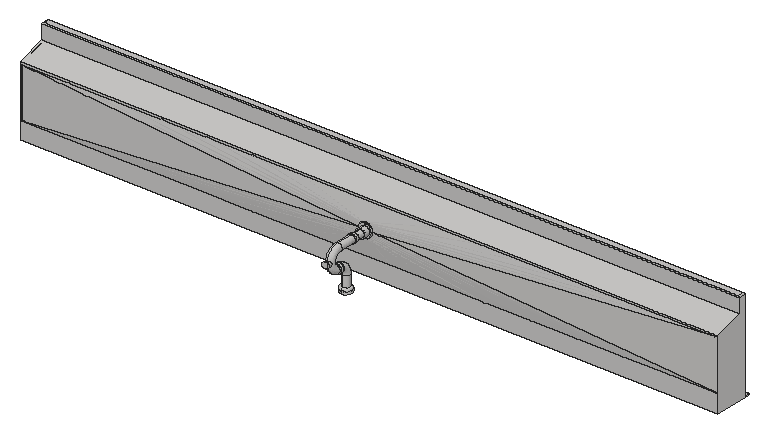
Revit family "SW4120", category Plumbing Fixtures, host Face, Revit 2022
Family settings
  Host = Face
  Round Connector Dimension = Use Diameter
  Part Type = Normal
  OmniClass Number = 23.45.05.14.14
  OmniClass Title = Sinks/Lavatories
  Cut with Voids When Loaded = No
  Maintain Annotation Orientation = No
  Shared = Yes
  Room Calculation Point = No
Parameters (values of type "SW4120-4LF4120-34")
  Width = 120"  # constant formula
  Waste Connection Diameter = 1 1/2"  # constant formula
  Waste Connection = yes
  WH-DECAL  10” Sticky Decal “Wash Your Hands” = no
  WFU = 2  # constant formula
  Vent Connection = no
  URL = "http://www.acorneng.com"
  SW000-SG   Splash Guard, (Multi-Station Units) = no
  SW000-PTC Daisy Strainer, Tailpiece, 1-1/2” P-Trap, Chrome = no
  SW000-PT   Daisy Strainer, Tailpiece, 1-1/2” P-Trap, Plastic = no
  SW000-F70 S/T Pushbutton Metering Faucet, Plate = no
  SW000-F60 S/T Sensor Operated Faucet, J Spout, Plate = no
  SW000-F51 H&C Wristblade Faucet, Spout = no
  SW000-F50 H&C Wristblade Faucet, Gooseneck Spout = no
  SW000-34 Front Support Legs, 34” Rim Height (Adult) = no
  SW000-30   Front Support Legs, 30” Rim Height (Junior) = no
  SW000-24   Front Support Legs, 24” Rim Height (Child) = no
  Installation Instruction Link = "https://www.acorneng.com/uploads/fileLibrary/9000-M00-003_SW000-INSTALL.pdf"
  IAPMO Compliance = "Uniform Plumbing Code (UPC ), ® National Plumbing Code of Canada (cUPC ) and ASME A112.19.3."  # constant formula
  Flow Rate = "0.5 GPM (1.9 LPM)"  # constant formula
  Faucet Hole Distance = 4"  # constant formula
  Product Page URL = "https://www.acorneng.com/single-eco-trough-sink"
  Product Documentation Link = "https://www.acorneng.com/uploads/fileLibrary/SW000.pdf"
  Optional 1-1/2” Tail piece & P-trap = yes
  Model = "SW4120-4LF4120-34"
  Material = "Stainless_Steel-Acorn-Satin"
  Manufacturer = "Acorn Engineering"  # constant formula
  Length = 16"  # constant formula
  Installation Type = "Wall Mounted"  # constant formula
  Height = 6 1/2"  # constant formula
  HWFU = 1.5  # constant formula
  HW Connection = no
  Finish = Stainless_Steel-Acorn-Satin
  EG10 Enviro-Glaze Color (White) = no
  Description = "One-Station Wash-Ware Eco-Trough Stainless Steel Trough Sink"  # constant formula
  Default Elevation = 0"  # constant formula
  Deck Height = 34"
  Creation Date = "01/16/2024"  # constant formula
  CWFU = 1.5  # constant formula
  CW Connection = no
  Assembly Code = "D2010310"
  4LF4120-34   4 Leg Frame Assy 4 User, 120” Wide, 34” Rim = yes
  4LF390-34   4 Leg Frame Assy 3 User, 90” Wide, 34” Rim = no
  4LF260-34   4 Leg Frame Assy 2 User, 60” Wide, 34” Rim = no
  4LF2102-34   4 Leg Frame Assy 2 User, 102” Wide, 34” Rim = no
  4LF130-34   4 Leg Frame Assy 1 User, 30” Wide, 34” Rim = no
Types (3): name | Model | 4LF4120-34   4 Leg Frame Assy 4 User, 120” Wide, 34” Rim
  (no name) | "SW4120-4LF4120-34" | yes
  SW4120-34 | "SW4120-34" | no
  SW4120-4LF4120-34 | "SW4120-4LF4120-34" | yes
Reference planes (in)
  plane 1 "Center (Front/Back)": y = 34
  plane 2: z = 0
  plane 3 "Center (Left/Right)": x = 0
  plane 4: y = 32.4375
  plane 5 "Floor": y = 0
  plane 6: z = 16
  plane 7: x = 60
  plane 8: x = -60
  plane 9: z = 7.5
  plane 10: z = 11.98828
  plane 11: z = 13.75
  plane 12: z = 1.5
  plane 13: z = 3
  plane 14: y = 23.25
  plane 15: x = -58.75
  plane 16: x = 58.75
  plane 17: y = 34.38345
  plane 18: y = 28.6875
  plane 19: x = -58.125
  plane 20: z = 14.125
  plane 21: x = -58.80267
  plane 22: x = 58.80267
  plane 23: y = 4.48558
  plane 24: x = 59.4375
  plane 25: x = -30
  plane 26: x = 26.25
  plane 27: x = 15
  plane 28: y = 27.5
  plane 29: y = 32.875
  plane 30: x = 45
  plane 31: x = 15
  plane 32: y = 5
  plane 33: x = -45
  plane 34: x = -15
Forms (in)
  Extrusion 1, solid, material "Stainless_Steel-Acorn-Satin" <- "Finish"
    sketch origin (0, 34, 0) x (1, 0, 0) y (0, 0, 1)
      loop
        line (59.75, 16) -> (-59.75, 16)
        arc (-59.75, 16) -> (-59.92678, 15.92678) -> (-60, 15.75) r 0.25
        line (-60, 15.75) -> (-60, 0) -> (60, 0) -> (60, 15.75)
        arc (60, 15.75) -> (59.92678, 15.92678) -> (59.75, 16) r 0.25
    from 0 to 5.8125
  Extrusion 2, solid, not visible
    sketch origin (0, 0, 0) x (1, 0, 0) y (0, 1, 0)
      loop
        circle (0, 23.25) r 0.75
    from 0 to -0.08503
  Extrusion 3, void
    sketch origin (0, 34, 0) x (1, 0, 0) y (0, 0, 1)
      loop
        line (59.83236, 13.05675) -> (-59.80078, 13.05675) -> (-59.80078, 3.06625) -> (59.83236, 3.06625) -> (59.83236, 13.05675)
    from 0 to 5.76065
  Extrusion 4, void
    sketch origin (0, 34, 0) x (1, 0, 0) y (0, 0, 1)
      loop
        circle (15, 1.5) r 0.65625
      loop
        circle (13, 1.5) r 0.65625
      loop
        circle (17, 1.5) r 0.65625
      loop
        circle (45, 1.5) r 0.65625
      loop
        circle (47, 1.5) r 0.65625
      loop
        circle (43, 1.5) r 0.65625
      loop
        circle (-15, 1.5) r 0.65625
      loop
        circle (-13, 1.5) r 0.65625
      loop
        circle (-17, 1.5) r 0.65625
      loop
        circle (-45, 1.5) r 0.65625
      loop
        circle (-47, 1.5) r 0.65625
      loop
        circle (-43, 1.5) r 0.65625
    from -0.8886 to 1.125
  Extrusion 5, solid, material "Stainless_Steel-Acorn-Satin" <- "Finish"
    sketch origin (0, 0, 0) x (1, 0, 0) y (0, 1, 0)
      loop
        line (-60, 34) -> (60, 34) -> (60, 34.5625)
        arc (60, 34.5625) -> (59.85355, 34.91605) -> (59.5, 35.0625) r 0.5
        line (59.5, 35.0625) -> (-59.5, 35.0625)
        arc (-59.5, 35.0625) -> (-59.85355, 34.91605) -> (-60, 34.5625) r 0.5
        line (-60, 34.5625) -> (-60, 34)
    from 0 to 0.06625
  Blend 6, solid, material "Stainless_Steel-Acorn-Satin" <- "Finish"
    base sketch origin (0, 34, 0) x (1, 0, 0) y (0, 0, 1)
      loop
        circle (0, 7.5) r 1.25
    top sketch origin (0, 34, 0) x (1, 0, 0) y (0, 0, 1)
      loop
        line (59.83236, 11.7199) -> (-59.80078, 11.7199) -> (-59.80078, 3.06625) -> (59.83236, 3.06625) -> (59.83236, 11.7199)
    from 6.5 to 5.8125
  Extrusion 7, void
    sketch origin (0, 34, 0) x (1, 0, 0) y (0, 0, 1)
      loop
        circle (0, 7.5) r 0.71875
    from 0 to 12
  Extrusion 8, void
    sketch origin (0, 0, 0) x (1, 0, 0) y (0, 1, 0)
      loop
        circle (-58.75, 34.38345) r 0.12572
      loop
        circle (-49.75, 34.38345) r 0.12572
      loop
        circle (-59.4375, 28.6875) r 0.12572
      loop
        arc (-59.31178, 32.4375) -> (-59.4375, 32.56322) -> (-59.56322, 32.4375) r 0.12572
        line (-59.56322, 32.4375) -> (-59.56322, 32.12453)
        arc (-59.56322, 32.12453) -> (-59.45829, 31.65336) -> (-59.31178, 32.1133) r 0.25
        line (-59.31178, 32.1133) -> (-59.31178, 32.4375)
      loop
        circle (58.75, 34.38345) r 0.12572
      loop
        circle (59.4375, 28.6875) r 0.12572
      loop
        line (59.31178, 32.4375) -> (59.31178, 32.1133)
        arc (59.31178, 32.1133) -> (59.45829, 31.65336) -> (59.56322, 32.12453) r 0.25
        line (59.56322, 32.12453) -> (59.56322, 32.4375)
        arc (59.56322, 32.4375) -> (59.4375, 32.56322) -> (59.31178, 32.4375) r 0.12572
      loop
        circle (-40.25, 34.38345) r 0.12572
      loop
        circle (-30, 34.38345) r 0.12572
      loop
        circle (-19.75, 34.38345) r 0.12572
      loop
        circle (-10.25, 34.38345) r 0.12572
      loop
        circle (0, 34.38345) r 0.12572
      loop
        circle (49.75, 34.38345) r 0.12572
      loop
        circle (40.25, 34.38345) r 0.12572
      loop
        circle (30, 34.38345) r 0.12572
      loop
        circle (19.75, 34.38345) r 0.12572
      loop
        circle (10.25, 34.38345) r 0.12572
    from 0 to 0.06625
  Extrusion 9, void
    sketch origin (0, 0, 0) x (0, 1, 0) y (0, 0, 1)
      loop
        line (32.875, 13.34771) -> (32.875, 15.84235)
        arc (32.875, 15.84235) -> (32.92117, 15.95383) -> (33.03265, 16) r 0.15765
        line (33.03265, 16) -> (33.19502, 16) -> (33.19502, 16.75491) -> (26.66993, 16.75491) -> (26.66993, 11.56843) -> (32.875, 13.34771)
    from -61.70799 to 62.24956
  Extrusion 10, solid, material "Stainless_Steel-Acorn-Satin" <- "Finish"
    sketch origin (0, 0, 0) x (0, 1, 0) y (0, 0, 1)
      loop
        line (28.1875, 12.00359) -> (28.1875, 11.83808) -> (32.4375, 13.05675) -> (32.4375, 13.22226) -> (28.1875, 12.00359)
    from -60 to 60
  Extrusion 11, void
    sketch origin (0, 0, 0) x (0, 1, 0) y (0, 0, 1)
      loop
        line (32.4375, 0.86338) -> (32.4375, 1.61827)
        arc (32.4375, 1.61827) -> (32.3125, 1.74327) -> (32.1875, 1.61827) r 0.125
        line (32.1875, 1.61827) -> (32.1875, 0.86338)
        arc (32.1875, 0.86338) -> (32.3125, 0.73838) -> (32.4375, 0.86338) r 0.125
      loop
        line (28.6875, 0.86338) -> (28.6875, 1.61827)
        arc (28.6875, 1.61827) -> (28.5625, 1.74327) -> (28.4375, 1.61827) r 0.125
        line (28.4375, 1.61827) -> (28.4375, 0.86338)
        arc (28.4375, 0.86338) -> (28.5625, 0.73838) -> (28.6875, 0.86338) r 0.125
    from 59.83236 to 61.26489
  Extrusion 12, void
    sketch origin (0, 0, 0) x (0, 1, 0) y (0, 0, -1)
      loop
        arc (32.4375, -0.86338) -> (32.3125, -0.73838) -> (32.1875, -0.86338) r 0.125
        line (32.1875, -0.86338) -> (32.1875, -1.61827)
        arc (32.1875, -1.61827) -> (32.3125, -1.74327) -> (32.4375, -1.61827) r 0.125
        line (32.4375, -1.61827) -> (32.4375, -0.86338)
      loop
        arc (28.6875, -0.86338) -> (28.5625, -0.73838) -> (28.4375, -0.86338) r 0.125
        line (28.4375, -0.86338) -> (28.4375, -1.61827)
        arc (28.4375, -1.61827) -> (28.5625, -1.74327) -> (28.6875, -1.61827) r 0.125
        line (28.6875, -1.61827) -> (28.6875, -0.86338)
    from 59.80078 to 60.55078
  Sweep 13, solid, material "Stainless_Steel-Acorn-Satin" <- "Finish", visible <- "Optional 1-1/2” Tail piece & P-trap"
    path origin (-0.0077, 23.25, -4.5) x (0, 1, 0) y (0, 0, 1)
      loop
        line (0, 4.5) -> (0, 7.25)
        arc (0, 7.25) -> (-0.43934, 8.31066) -> (-1.5, 8.75) r 1.5
        line (-1.5, 8.75) -> (-1.75279, 8.75)
        arc (-1.75279, 8.75) -> (-3.37779, 10.375) -> (-1.75279, 12) r 1.625
        line (-1.75279, 12) -> (1.16329, 12)
    profile origin (-0.0077, 23.25, 1.375) x (0, -1, 0) y (1, 0, 0)
      loop
        circle (0, 0) r 0.625
  Revolve 14, solid, material "Stainless_Steel-Acorn-Satin" <- "Finish", visible <- "Optional 1-1/2” Tail piece & P-trap"
    sketch origin (-0.0077, 23.25, -0.69501) x (0, 1, 0) y (0, 0, 1)
      loop
        line (0, 0.69501) -> (0, 1.5) -> (-0.625, 1.5)
        arc (-0.625, 1.5) -> (-0.89017, 1.39017) -> (-1, 1.125) r 0.375
        line (-1, 1.125) -> (-1, 0.69501) -> (0, 0.69501)
      axis (0, 0.69501) -> (0, 1.5)
    angle from 0 to 360
  Revolve 15, solid, material "Stainless_Steel-Acorn-Satin" <- "Finish", visible <- "Optional 1-1/2” Tail piece & P-trap"
    sketch origin (-0.0077, 25.16299, 2.75) x (0, 1, 0) y (0, 0, 1)
      loop
        line (-0.7497, 4.14062) -> (-0.7497, 4.06041) -> (-0.625, 4.06041)
        arc (-0.625, 4.06041) -> (-0.39209, 4.00577) -> (-0.15643, 4.04699) r 0.59687
        arc (-0.15643, 4.04699) -> (-0.1336, 4.06522) -> (-0.125, 4.09313) r 0.04959
        line (-0.125, 4.09313) -> (-0.125, 4.14062) -> (-0.7497, 4.14062)
      axis (-0.7497, 4.75) -> (-0.125, 4.75)
    angle from 0 to 360
  Extrusion 16, solid, material "Stainless_Steel-Acorn-Satin" <- "Finish", visible <- "Optional 1-1/2” Tail piece & P-trap"
    sketch origin (-0.7025, 19.14598, -2.5808) x (0, 0.000486, -1) y (-1, 0, 0)
      loop
        circle (-8.45564, -0.6948) r 0.5
    from -0.2416 to 0.44093
  Extrusion 17, solid, material "Stainless_Steel-Acorn-Satin" <- "Finish", visible <- "Optional 1-1/2” Tail piece & P-trap"
    sketch origin (1.90768, 18.76955, 17.63301) x (0, 0.000486, -1) y (-1, 0, 0)
      loop
        line (11.2583, 2.12248) -> (11.2583, 1.70827) -> (11.55119, 1.41538) -> (11.9654, 1.41538) -> (12.2583, 1.70827) -> (12.2583, 2.12248) -> (11.9654, 2.41538) -> (11.55119, 2.41538) -> (11.2583, 2.12248)
    from -0.02502 to 0.125
  Revolve 18, solid, material "Stainless_Steel-Acorn-Satin" <- "Finish", visible <- "Optional 1-1/2” Tail piece & P-trap"
    sketch origin (-0.0077, 21.8878, -0.49268) x (0, 1, 0) y (0, 0, 1)
      loop
        line (-0.7497, 4.23437) -> (-0.7497, 4.01353) -> (-0.625, 4.01353)
        arc (-0.625, 4.01353) -> (-0.4082, 3.94393) -> (-0.19141, 4.01353) r 0.37245
        line (-0.19141, 4.01353) -> (-0.06671, 4.01353) -> (-0.06671, 4.23437) -> (-0.7497, 4.23437)
      axis (-0.7497, 4.75) -> (-0.06671, 4.75)
    angle from 0 to 360
  Revolve 19, solid, material "Stainless_Steel-Acorn-Satin" <- "Finish", visible <- "Optional 1-1/2” Tail piece & P-trap"
    sketch origin (0, -0.21875, 0) x (0, 1, 0) y (0, 0, 1)
      loop
        line (25.03799, 8) -> (27.03799, 8) -> (27.03799, 8.18679) -> (27.72692, 8.18679) -> (27.72692, 8.61634) -> (27.5, 8.61634) -> (27.5, 8.27653) -> (26.5, 8.27653) -> (26.5, 8.09964) -> (25.03799, 8.09964) -> (25.03799, 8)
      axis (27.72692, 7.5) -> (25.03799, 7.5)
    angle from 0 to 360
  Blend 20, void
    base sketch origin (0.00622, 32.20507, -0.00483) x (1, 0, 0) y (0, 0, 1)
      loop
        circle (0, 7.5) r 1.25
    top sketch origin (0.00622, 32.20507, -0.00483) x (1, 0, 0) y (0, 0, 1)
      loop
        line (80.91141, 11.7199) -> (-80.92386, 11.7199) -> (-80.92386, 2.56625) -> (80.91141, 2.56625) -> (80.91141, 11.7199)
    from 4.53723 to 3.74874
  Extrusion 21, solid, material "Stainless_Steel-Acorn-Satin" <- "Finish"
    sketch origin (0, 0, 0) x (0, 1, 0) y (0, 0, -1)
      loop
        line (28.65451, -11.75926) -> (28.65451, -2.48058) -> (28.19703, -2.48058) -> (28.19703, -11.75926) -> (28.65451, -11.75926)
    from 59.80078 to 60
  Extrusion 22, solid, material "Stainless_Steel-Acorn-Satin" <- "Finish"
    sketch origin (0, 0, 0) x (0, 1, 0) y (0, 0, 1)
      loop
        line (28.1875, 11.73553) -> (28.1875, 2.4699) -> (28.65451, 2.4699) -> (28.65451, 11.73553) -> (28.1875, 11.73553)
    from 59.83236 to 60
Cuts and joins
  joined: Sweep 13, Revolve 14, Revolve 15, Extrusion 16, Revolve 18, Revolve 19
  Extrusion 3, Extrusion 4, Extrusion 8, Extrusion 9, Extrusion 11, Extrusion 12, Blend 20 cuts Extrusion 1
  Extrusion 8 cuts Extrusion 5
  Extrusion 3, Extrusion 7, Extrusion 11, Blend 20 cuts Blend 6
  Extrusion 11, Blend 20 cuts Extrusion 10
  joined: Extrusion 1, Extrusion 5, Blend 6, Extrusion 10, Extrusion 21, Extrusion 22
Lines and regions (in)
  Masking region 1
    outline origin (0, 34, 0) x (1, 0, 0) y (0, 0, 1)
      loop
        line (60, 16) -> (-60, 16) -> (-60, 0.06625) -> (60, 0.06625) -> (60, 16)
  symbolic lines
    curve 1: line (59.83236, 34, 13.05675) -> (-59.83236, 34, 13.05675)
    curve 2: line (59.83236, 34, 3.06625) -> (59.83236, 34, 13.05675)
    curve 3: line (-59.83236, 34, 3.06625) -> (59.83236, 34, 3.06625)
    curve 4: line (-59.83236, 34, 13.05675) -> (-59.83236, 34, 3.06625)
    curve 5: circle (0, 34, 7.5) r 0.71875 normal (0, -1, 0)
    curve 6: line (60, 34, 0.06625) -> (-60, 34, 0.06625)
    curve 7: circle (0, 34, 7.5) r 1.25 normal (0, 1, 0)
    curve 8: circle (13, 34, 1.5) r 0.65625 normal (0, -1, 0)
    curve 9: line (1.25622, 34, 7.49517) -> (58.98929, 34, 10.55346)
    curve 10: line (1.25622, 34, 7.49517) -> (58.98929, 34, 3.91954)
    curve 11: line (58.98929, 34, 3.91954) -> (58.98929, 34, 10.55346)
    curve 12: line (-58.99277, 34, 10.55383) -> (-58.99277, 34, 3.91954)
    curve 13: circle (15, 34, 1.5) r 0.65625 normal (0, -1, 0)
    curve 14: circle (17, 34, 1.5) r 0.65625 normal (0, -1, 0)
    curve 15: circle (47, 34, 1.5) r 0.65625 normal (0, -1, 0)
    curve 16: circle (45, 34, 1.5) r 0.65625 normal (0, -1, 0)
    curve 17: circle (43, 34, 1.5) r 0.65625 normal (0, -1, 0)
    curve 18: line (58.9962, 5, 10.55383) -> (-58.99277, 5, 10.55383)
    curve 19: line (-1.24378, 5, 7.49517) -> (-58.99277, 5, 10.55383)
    curve 20: line (-58.99277, 5, 3.91911) -> (-1.24378, 5, 7.49517)
    curve 21: line (-58.99277, 5, 3.91911) -> (58.9962, 5, 3.91911)
    curve 22: circle (-13, 34, 1.5) r 0.65625 normal (0, 1, 0)
    curve 23: circle (-15, 34, 1.5) r 0.65625 normal (0, 1, 0)
    curve 24: circle (-17, 34, 1.5) r 0.65625 normal (0, 1, 0)
    curve 25: circle (-47, 34, 1.5) r 0.65625 normal (0, 1, 0)
    curve 26: circle (-45, 34, 1.5) r 0.65625 normal (0, 1, 0)
    curve 27: circle (-43, 34, 1.5) r 0.65625 normal (0, 1, 0)
Dimensions and locks (in)
  plane 1 "Center (Front/Back)" to plane 4 = 1 9/16"  (x2)
  "Length": host face to plane 6
  "Width": plane 7 to plane 8
  equal spacing: plane 7, plane 3 "Center (Left/Right)", plane 8
  locked: plane 2 to plane 9 at 7.5
  plane 6 to plane 2 = 16"
  plane 1 "Center (Front/Back)" to plane 5 "Floor" = 34"
  locked: plane 2 to plane 12 at 1.5
  locked: plane 9 to plane 2 at 7.5
  plane 14 to plane 1 "Center (Front/Back)" = 10 3/4"
  "Deck Height": plane 5 "Floor" to plane 1 "Center (Front/Back)"
  plane 8 to plane 15 = 1 1/4"
  locked: plane 16 to plane 7 at 1.25
  locked: plane 1 "Center (Front/Back)" to plane 17 at 0.38345
  locked: plane 4 to plane 1 "Center (Front/Back)" at 1.5625
  locked: plane 4 to plane 18 at 3.75
  plane 8 to plane 19 = 1 7/8"
  plane 6 to plane 20 = 1 7/8"
  plane 8 to plane 7 = 120"
  locked: plane 8 to plane 21 at 1.19733
  locked: plane 22 to plane 7 at 1.19733
  locked: plane 3 "Center (Left/Right)" to plane 24 at 59.4375
  plane 1 "Center (Front/Back)" to plane 28 = 6 1/2"
  plane 1 "Center (Front/Back)" to plane 29 = 1 1/8"
  plane 15 to Extrusion 8 sketch curve = 9"
  locked: Extrusion 8 sketch curve to Extrusion 8 sketch curve at 9.5  (x4)
  locked: Extrusion 8 sketch curve to Extrusion 8 sketch curve at 10.25  (x6)
  plane 5 "Floor" to plane 32 = 5"
  plane 5 "Floor" to plane 23 = 4.48558"
  locked: Extrusion 8 sketch curve to Extrusion 8 sketch curve at 9
  locked: plane 31 to plane 3 "Center (Left/Right)" at 15
  Extrusion 4 sketch curve to plane 31 to Extrusion 4 sketch curve = 2" locked, 2" locked
  Extrusion 4 sketch curve to plane 30 to Extrusion 4 sketch curve = 2" locked, 2" locked
  locked: plane 30 to plane 31 at 30
  locked: plane 34 to plane 3 "Center (Left/Right)" at 15
  Extrusion 4 sketch curve to plane 34 to Extrusion 4 sketch curve = 2" locked, 2" locked
  Extrusion 4 sketch curve to plane 33 to Extrusion 4 sketch curve = 2" locked, 2" locked
  locked: plane 33 to plane 34 at 30
  radius of Extrusion 5 sketch curve = 1/2"  (x2)
  radius of Extrusion 8 sketch curve = 0.12572"
  radius of Extrusion 1 sketch curve = 1/4"
  aligned and locked: host face to plane 2
  aligned and locked: host face to level
  aligned and locked: Extrusion 1 sketch curve to plane 6
  aligned and locked: Extrusion 1 sketch curve to plane 7
  aligned and locked: Extrusion 1 sketch curve to level
  aligned and locked: Extrusion 1 sketch curve to plane 8
  aligned and locked: plane 12 to Extrusion 4 sketch curve
  aligned and locked: plane 7 to Extrusion 5 sketch curve
  aligned and locked: plane 17 to Extrusion 8 sketch curve
  aligned and locked: plane 15 to Extrusion 8 sketch curve
  aligned and locked: Revolve 19 sketch curve to plane 9
  aligned and locked: curve 2 to cut or joined group 1 (Extrusion 1, Extrusion 3, Extrusion 4, Extrusion 5, Blend 6, Extrusion 7, Extrusion 8, Extrusion 9, Extrusion 10, Extrusion 11, Extrusion 12, Blend 20, Extrusion 21, Extrusion 22)
  aligned and locked: curve 8 to cut or joined group 1
  aligned and locked: plane 7 to cut or joined group 1
  aligned and locked: cut or joined group 1 to plane 8
  aligned and locked: Extrusion 12 to Extrusion 3
  aligned and locked: cut or joined group 1 to Extrusion 22
  aligned and locked: Extrusion 22 to cut or joined group 1
  aligned and locked: curve 9 to cut or joined group 1
  aligned and locked: curve 10 to cut or joined group 1
  aligned and locked: Extrusion 3 to Blend 6  (x2)
  aligned and locked: Extrusion 1 to Extrusion 21
  aligned and locked: Extrusion 21 to Extrusion 3
  aligned and locked: plane 30 to Extrusion 4 sketch curve
  aligned and locked: curve 13 to cut or joined group 1
  aligned and locked: curve 14 to cut or joined group 1
  aligned and locked: curve 15 to cut or joined group 1
  aligned and locked: curve 16 to cut or joined group 1
  aligned and locked: curve 17 to cut or joined group 1
  aligned and locked: Extrusion 11 to Extrusion 3
  aligned and locked: curve 12 to cut or joined group 1
  aligned and locked: curve 19 to cut or joined group 1
  aligned and locked: curve 20 to cut or joined group 1
  aligned and locked: Extrusion 4 sketch curve to plane 33
Automatic sketch dimensions
  host sketch curve to host sketch curve = 134.00588"
  host sketch curve to host sketch curve = 97"
  plane 6 to Extrusion 1 sketch curve = 1/4"
  Extrusion 2 sketch curve to plane 3 "Center (Left/Right)" = 0"
  Extrusion 2 sketch curve to plane 14 = 0"
  Blend 6 sketch curve to plane 3 "Center (Left/Right)" = 0"
  Blend 6 sketch curve to plane 9 = 0"
  Extrusion 7 sketch curve to plane 3 "Center (Left/Right)" = 0"
  Extrusion 7 sketch curve to plane 9 = 0"
  Extrusion 11 sketch curve to plane 18 = 0"
  Extrusion 11 sketch curve to plane 4 = 0"
  Extrusion 11 sketch curve to Extrusion 11 sketch curve = 1/8"
  Extrusion 11 sketch curve to Extrusion 11 sketch curve = 1/4"
  Extrusion 11 sketch curve to plane 12 = 0.63662"  (x2)
  plane 12 to Extrusion 11 sketch curve = 0.11827"  (x2)
  Extrusion 12 sketch curve to plane 18 = 0"
  Extrusion 12 sketch curve to plane 4 = 0"
  Extrusion 12 sketch curve to Extrusion 12 sketch curve = 1/8"
  Extrusion 12 sketch curve to Extrusion 12 sketch curve = 1/4"
  plane 12 to Extrusion 12 sketch curve = 0.11827"  (x2)
  Extrusion 12 sketch curve to plane 12 = 0.63662"  (x2)
  plane 9 to Revolve 15 sketch curve = 0"
  plane 9 to Revolve 15 sketch curve = 0.68959"
  plane 14 to Revolve 15 sketch curve = 1.16329"
  Revolve 15 sketch curve to Revolve 15 sketch curve = 0.1247"
  plane 9 to Revolve 15 sketch curve = 0.1476"
  Revolve 15 sketch curve to Revolve 15 sketch curve = 0.3747"
  Revolve 15 sketch curve to Revolve 15 sketch curve = 0.45041"
  Revolve 15 sketch curve to Revolve 15 sketch curve = 0.04959"
  Revolve 15 sketch curve to Revolve 15 sketch curve = 0.03272"
  Revolve 15 sketch curve to Revolve 15 sketch curve = 0.04749"
  plane 14 to Revolve 15 sketch curve = 0.671"
  Revolve 15 sketch curve to Revolve 15 sketch curve = 0.0942"
  Extrusion 16 sketch curve to plane 3 "Center (Left/Right)" = 0.0077"
  Extrusion 17 sketch curve to plane 3 "Center (Left/Right)" = 0.21481"  (x2)
  Extrusion 17 sketch curve to Extrusion 17 sketch curve = 0.29289"  (x4)
  plane 3 "Center (Left/Right)" to Extrusion 17 sketch curve = 0.4923"
  Extrusion 17 sketch curve to Extrusion 17 sketch curve = 0.41421"  (x2)
  plane 3 "Center (Left/Right)" to Extrusion 17 sketch curve = 0.19941"  (x2)
  Revolve 18 sketch curve to plane 13 = 0.52085"
  Revolve 18 sketch curve to plane 14 = 2.11189"
  Revolve 18 sketch curve to Revolve 18 sketch curve = 0.1247"  (x2)
  Revolve 18 sketch curve to Revolve 18 sketch curve = 0.34149"
  Revolve 18 sketch curve to Revolve 18 sketch curve = 0.2168"
  Revolve 18 sketch curve to Revolve 18 sketch curve = 0.22084"
  Revolve 18 sketch curve to Revolve 18 sketch curve = 0.08201"
  Revolve 18 sketch curve to Revolve 18 sketch curve = 0.49229"
  Revolve 18 sketch curve to Revolve 18 sketch curve = 0.0942"
  Revolve 18 sketch curve to Revolve 18 sketch curve = 33/64"
  Revolve 19 sketch curve to plane 9 = 1/2"
  plane 14 to Revolve 19 sketch curve = 1.56924"
  plane 28 to Revolve 19 sketch curve = 1 7/32"
  Revolve 19 sketch curve to Revolve 19 sketch curve = 0.53799"
  plane 28 to Revolve 19 sketch curve = 7/32"
  Revolve 19 sketch curve to plane 28 = 0.00817"
  Revolve 19 sketch curve to Revolve 19 sketch curve = 0.09964"
  Revolve 19 sketch curve to plane 9 = 0.68679"
  Revolve 19 sketch curve to Revolve 19 sketch curve = 0.08973"
  Revolve 19 sketch curve to Revolve 19 sketch curve = 0.33981"
  Revolve 19 sketch curve to Revolve 19 sketch curve = 1/4"
  plane 14 to Revolve 19 sketch curve = 0.56924"
  plane 3 "Center (Left/Right)" to Blend 20 sketch curve = 0.00622"
  plane 9 to Blend 20 sketch curve = 0.00483"
  Extrusion 21 sketch curve to plane 10 = 0.22902"
  Extrusion 21 sketch curve to plane 18 = 0.49047"
  Extrusion 21 sketch curve to plane 18 = 0.03299"
  plane 13 to Extrusion 21 sketch curve = 0.51942"
  Extrusion 22 sketch curve to plane 18 = 1/2"
  Extrusion 22 sketch curve to plane 18 = 0.03299"
  plane 13 to Extrusion 22 sketch curve = 0.5301"
  Extrusion 22 sketch curve to plane 10 = 0.25275"
  Extrusion 4 sketch curve to plane 12 = 0"  (x11)
  plane 34 to Extrusion 4 sketch curve = 0"
  plane 27 to Extrusion 4 sketch curve = 0"
  curve 5 to curve 7 = 0"  (x2)
  curve 6 to plane 8 = 0"
  curve 25 to plane 12 = 0"
  curve 26 to plane 12 = 0"
  curve 27 to plane 12 = 0"
  curve 24 to plane 12 = 0"
  curve 23 to plane 12 = 0"
  curve 22 to plane 12 = 0"
  curve 7 to plane 3 "Center (Left/Right)" = 0"
  curve 6 to plane 7 = 0"
  curve 5 to plane 9 = 0"
  plane 8 to curve 1 = 0.16764"
  curve 25 to plane 19 = 11 1/8"
  curve 25 to curve 26 = 2"
  curve 26 to curve 27 = 2"
  plane 25 to curve 24 = 13"
  curve 24 to curve 23 = 2"
  curve 23 to curve 22 = 2"
  curve 11 to plane 22 = 0.18663"
  curve 3 to plane 13 = 0.06625"
  curve 2 to plane 11 = 0.69325"
  level to curve 6 = 0.06625"
  curve 12 to plane 13 = 0.91954"
  curve 12 to plane 10 = 1.43445"
  plane 8 to Extrusion 3 sketch curve = 51/256"
  Extrusion 3 sketch curve to plane 13 = 0.06625"
  Extrusion 3 sketch curve to plane 7 = 0.16764"
  Extrusion 3 sketch curve to plane 11 = 0.69325"
  Extrusion 5 sketch curve to plane 8 = 0"
  plane 1 "Center (Front/Back)" to Extrusion 5 sketch curve = 0"
  plane 17 to Extrusion 5 sketch curve = 0.17905"
  plane 8 to Blend 6 sketch curve = 51/256"
  Blend 6 sketch curve to plane 13 = 0.06625"
  Blend 6 sketch curve to plane 7 = 0.16764"
  Blend 6 sketch curve to plane 10 = 0.26838"
  Extrusion 8 sketch curve to plane 4 = 0"  (x2)
  Extrusion 8 sketch curve to plane 18 = 0"
  Extrusion 8 sketch curve to plane 24 = 0"  (x2)
  plane 18 to Extrusion 8 sketch curve = 0"
  plane 17 to Extrusion 8 sketch curve = 0"  (x4)
  Extrusion 8 sketch curve to plane 17 = 0"  (x8)
  Extrusion 8 sketch curve to plane 21 = 0.50911"
  plane 8 to Extrusion 8 sketch curve = 9/16"
  Extrusion 8 sketch curve to Extrusion 8 sketch curve = 0.12572"
  Extrusion 8 sketch curve to Extrusion 8 sketch curve = 0.13536"
  Extrusion 8 sketch curve to plane 24 = 0.12572"
  plane 24 to Extrusion 8 sketch curve = 0.00964"
  Extrusion 8 sketch curve to plane 4 = 0.53438"  (x2)
  Extrusion 8 sketch curve to Extrusion 8 sketch curve = 0.21018"  (x2)
  Masking region 1 sketch curve to plane 6 = 0"
  Masking region 1 sketch curve to plane 8 = 0"
  Masking region 1 sketch curve to plane 7 = 0"
  level to Masking region 1 sketch curve = 0.06625"
  Extrusion 9 sketch curve to plane 29 = 0"
  plane 6 to Extrusion 9 sketch curve = 0"
  plane 28 to Extrusion 9 sketch curve = 0.83007"
  Extrusion 9 sketch curve to Extrusion 9 sketch curve = 0.15765"
  Extrusion 9 sketch curve to Extrusion 9 sketch curve = 0.16237"
  Extrusion 9 sketch curve to plane 11 = 0.40229"
  Extrusion 9 sketch curve to plane 10 = 0.41985"
  Extrusion 9 sketch curve to plane 6 = 0.75491"
  Extrusion 10 sketch curve to plane 4 = 0"
  plane 10 to Extrusion 10 sketch curve = 0.01531"
  Extrusion 10 sketch curve to plane 18 = 1/2"
  Extrusion 10 sketch curve to plane 10 = 0.1502"
  Extrusion 10 sketch curve to plane 11 = 0.69325"
  Extrusion 10 sketch curve to Extrusion 10 sketch curve = 0.1655"
  plane 9 to Sweep 13 sketch curve = 0"
  Sweep 13 sketch curve to plane 14 = 0"
  Sweep 13 sketch curve to level = 0"
  Sweep 13 sketch curve to plane 13 = 1 1/4"
  Sweep 13 sketch curve to plane 14 = 1 1/2"
  Sweep 13 sketch curve to Sweep 13 sketch curve = 0.25279"
  plane 14 to Sweep 13 sketch curve = 1.16329"
  Sweep 13 sketch curve to profile plane = 0"  (x2)
  Revolve 14 sketch curve to level = 0"
  Revolve 14 sketch curve to plane 14 = 0"  (x2)
  Revolve 14 sketch curve to plane 14 = 5/8"
  Revolve 14 sketch curve to Revolve 14 sketch curve = 3/8"
  level to Revolve 14 sketch curve = 0.42999"
  Revolve 14 sketch curve to Revolve 14 sketch curve = 0.12966"
  Revolve 14 sketch curve to plane 12 = 0.25999"
  Blend 20 sketch curve to plane 10 = 0.2732"
  Blend 20 sketch curve to plane 8 = 20.91764"
  plane 13 to Blend 20 sketch curve = 0.43857"
  plane 7 to Blend 20 sketch curve = 20.91764"
  curve 21 to plane 21 = 0.19011"
  curve 19 to plane 21 = 0.19011"
  curve 21 to plane 22 = 0.19353"
  curve 18 to plane 22 = 0.19353"
  radius of Extrusion 2 sketch curve = 3/4"
  radius of Blend 6 sketch curve = 1 1/4"
  radius of Extrusion 7 sketch curve = 23/32"
  radius of Extrusion 16 sketch curve = 1/2"
  radius of Blend 20 sketch curve = 1 1/4"
  radius of Extrusion 4 sketch curve = 21/32"  (x12)
  radius of curve 5 = 23/32"
  radius of curve 7 = 1 1/4"
  radius of curve 22 = 21/32"
  radius of curve 23 = 21/32"
  radius of curve 24 = 21/32"
  radius of curve 25 = 21/32"
  radius of curve 26 = 21/32"
  radius of curve 27 = 21/32"
  radius of Extrusion 8 sketch curve = 0.12572"  (x14)
  radius of Sweep 13 sketch curve = 5/8"
Connectors (in)
  piping at (0, 23.25, 0), diameter 1.5, driven by "Waste Connection Diameter", driven by "WFU"
    settings: on Extrusion 2, index 1, connector inside diameter 24", connector length 0", flow factor 0, pipe flow 0 GPM, pressure drop 0.00 psi, fitting loss kfactor 0, connector angle 0.00°, fixture units 2, engagement length 0", angle of deflection 0.00°, flow configuration 3, flow direction 2, fitting loss method 0, system type 16, joint type 0, gender type 0, connector reference index -1, connector utility 0, adjustable connector no, is connector primary yes, connector description "1 1/2\" Waste Outlet Connection"
